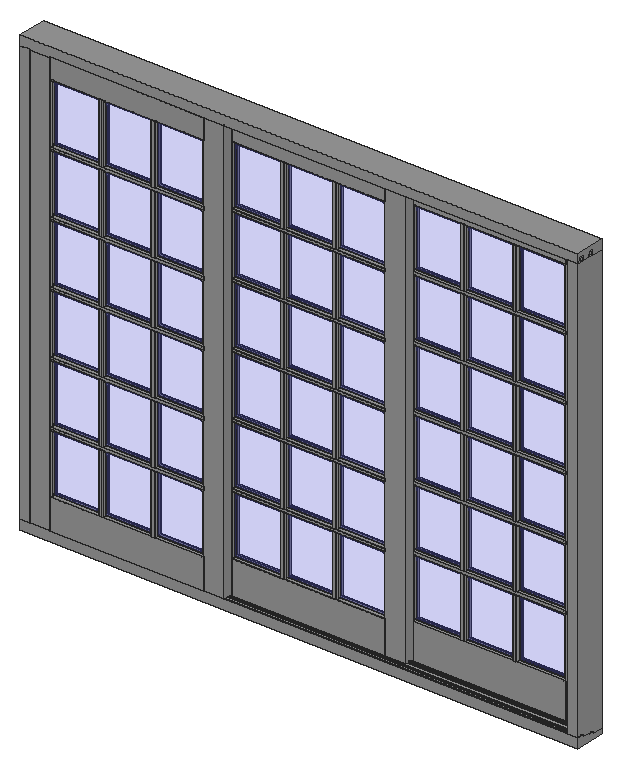
Revit family "VSD2.6SPTS RH", category Doors, host Wall, Revit 2015
Parameters (values of type "VSD2.6SPTS RH")
  Function = Interior
  Frame Projection Ext. = 25 mm
  Frame Projection Int. = 25 mm
  Frame Width = 75 mm
  Height = 2100 mm
  Wall Closure = By host
  Width = 2640 mm
Reference planes
  plane 1: y = 0
  plane 2 "Center (Left/Right)": x = 0
  plane 3 "Left": x = -1320
  plane 4 "Right": x = 1320
  plane 5: z = 2100
  plane 6 "Exterior": y = 75
  plane 7 "Interior": y = -75
  plane 8: x = -1275
  plane 9: x = -1170
  plane 10: x = 1275
  plane 11: x = 1170
  plane 12: x = -460
  plane 13: x = -355
  plane 14: x = 460
  plane 15: x = 355
  plane 16: x = 355
  plane 17: x = 460
  plane 18: x = 2905
  plane 19: x = 2800
  plane 20: x = 1170
  plane 21: x = 1275
  plane 22: x = 2090
  plane 23: x = 1985
  plane 24: x = -460
  plane 25: x = -355
  plane 26: x = 2090
  plane 27: x = 1985
  plane 28: x = 355
  plane 29: x = 460
  plane 30: x = 1275
  plane 31: x = 1170
Forms (mm)
  Extrusion 1, solid, material "Lauan, Meranti"
    sketch origin (0, 79.18, -119.746) x (0, 1, 0) y (0, 0, 1)
      loop
        line (-149.18, 119.746) -> (-9.18, 119.746) -> (-9.18, 140.746) -> (-61.18, 140.746) -> (-61.18, 151.746) -> (-85.18, 151.746) -> (-85.18, 152.746) -> (-117.18, 152.746) -> (-117.18, 163.746) -> (-141.18, 163.746) -> (-141.18, 164.746) -> (-149.18, 164.746) -> (-149.18, 119.746)
    from -1320 to 1320
  Extrusion 2, solid, material "Lauan, Meranti"
    sketch origin (0, 0, 0) x (0, 1, 0) y (0, 0, 1)
      loop
        line (70, 2100) -> (-70, 2100) -> (-70, 2055) -> (-61, 2055) -> (-61, 2075) -> (-39, 2075) -> (-39, 2055) -> (-5, 2055) -> (-5, 2075) -> (17, 2075) -> (17, 2055) -> (70, 2055) -> (70, 2100)
    from -1320 to 1320
  Extrusion 3, solid, material "Lauan, Meranti"
    sketch origin (0, 0, 0) x (1, 0, 0) y (0, 1, 0)
      loop
        line (-1320, 70) -> (-1320, -70) -> (-1275, -70) -> (-1275, 50) -> (-1277, 50) -> (-1277, 70) -> (-1320, 70)
      loop
        line (1320, 70) -> (1277, 70) -> (1277, 50) -> (1275, 50) -> (1275, -70) -> (1320, -70) -> (1320, 70)
    from 45 to 2055
  Extrusion 4, solid, material "Lauan, Meranti"
    sketch origin (0, 0, 0) x (1, 0, 0) y (0, 1, 0)
      loop
        line (-1275, 50) -> (-1277, 50) -> (-1277, 70) -> (-1320, 70) -> (-1320, -38) -> (-1275, -38) -> (-1275, 50)
      loop
        line (1275, 50) -> (1275, -38) -> (1320, -38) -> (1320, 70) -> (1277, 70) -> (1277, 50) -> (1275, 50)
    from 33 to 45
  Extrusion 5, solid, material "Steel, Chrome Plated"
    sketch origin (0, 0, 0) x (0, 1, 0) y (0, 0, 1)
      loop
        line (-38, 45) -> (-49, 45) -> (-49, 46.882)
        arc (-49, 46.882) -> (-50, 49.5) -> (-51, 46.882) r 1.5
        line (-51, 46.882) -> (-51, 45) -> (-62, 45) -> (-62, 44) -> (-38, 44) -> (-38, 45)
    from -1320 to 1320
  Extrusion 6, solid, material "Lauan, Meranti"
    sketch origin (0, 0, 0) x (1, 0, 0) y (0, 1, 0)
      loop
        line (-1320, 70) -> (-1320, 18) -> (-1275, 18) -> (-1275, 50) -> (-1277, 50) -> (-1277, 70) -> (-1320, 70)
      loop
        line (1320, 70) -> (1277, 70) -> (1277, 50) -> (1275, 50) -> (1275, 18) -> (1320, 18) -> (1320, 70)
    from 21 to 33
  Extrusion 7, solid, material "Steel, Chrome Plated"
    sketch origin (0, 56, -12) x (0, 1, 0) y (0, 0, 1)
      loop
        line (-38, 45) -> (-49, 45) -> (-49, 46.882)
        arc (-49, 46.882) -> (-50, 49.5) -> (-51, 46.882) r 1.5
        line (-51, 46.882) -> (-51, 45) -> (-62, 45) -> (-62, 44) -> (-38, 44) -> (-38, 45)
    from -460 to 1320
  Extrusion 8, solid, material "Lauan, Meranti"
    sketch origin (0, 0, 0) x (1, 0, 0) y (0, 1, 0)
      loop
        line (-1179, -70) -> (-1179, -68)
        arc (-1179, -68) -> (-1174.265, -66.44) -> (-1172, -62) r 6.549
        line (-1172, -62) -> (-1170, -62) -> (-1170, -60) -> (-1179, -60) -> (-1179, -30) -> (-1275, -30) -> (-1275, -70) -> (-1179, -70)
      loop
        line (-451, -70) -> (-355, -70) -> (-355, -30) -> (-451, -30) -> (-451, -60) -> (-460, -60) -> (-460, -62) -> (-458, -62)
        arc (-458, -62) -> (-455.735, -66.44) -> (-451, -68) r 6.549
        line (-451, -68) -> (-451, -70)
    from 45 to 2055
  Extrusion 9, solid, material "Lauan, Meranti"
    sketch origin (1630, 104, 0) x (1, 0, 0) y (0, 1, 0)
      loop
        line (-1179, -70) -> (-1179, -68)
        arc (-1179, -68) -> (-1174.265, -66.44) -> (-1172, -62) r 6.549
        line (-1172, -62) -> (-1170, -62) -> (-1170, -60) -> (-1179, -60) -> (-1179, -30) -> (-1275, -30) -> (-1275, -70) -> (-1179, -70)
      loop
        line (-451, -70) -> (-355, -70) -> (-355, -30) -> (-451, -30) -> (-451, -60) -> (-460, -60) -> (-460, -62) -> (-458, -62)
        arc (-458, -62) -> (-455.735, -66.44) -> (-451, -68) r 6.549
        line (-451, -68) -> (-451, -70)
    from 21 to 2055
  Extrusion 10, solid, material "Lauan, Meranti"
    sketch origin (815, 56, 0) x (1, 0, 0) y (0, 1, 0)
      loop
        line (-1179, -70) -> (-1179, -68)
        arc (-1179, -68) -> (-1174.265, -66.44) -> (-1172, -62) r 6.549
        line (-1172, -62) -> (-1170, -62) -> (-1170, -60) -> (-1179, -60) -> (-1179, -30) -> (-1275, -30) -> (-1275, -70) -> (-1179, -70)
      loop
        line (-451, -70) -> (-355, -70) -> (-355, -30) -> (-451, -30) -> (-451, -60) -> (-460, -60) -> (-460, -62) -> (-458, -62)
        arc (-458, -62) -> (-455.735, -66.44) -> (-451, -68) r 6.549
        line (-451, -68) -> (-451, -70)
    from 33 to 2055
  Extrusion 11, solid, material "Steel, Chrome Plated"
    sketch origin (0, 0, 0) x (0, 1, 0) y (0, 0, 1)
      loop
        line (16.5, 2075) -> (-4.5, 2075) -> (-4.5, 2055) -> (-2.3, 2055) -> (-2.3, 2072.8) -> (14.3, 2072.8) -> (14.3, 2055) -> (16.5, 2055) -> (16.5, 2075)
    from -1320 to 1320
  Extrusion 12, solid, material "Steel, Chrome Plated"
    sketch origin (0, -56, 0) x (0, 1, 0) y (0, 0, 1)
      loop
        line (16.5, 2075) -> (-4.5, 2075) -> (-4.5, 2055) -> (-2.3, 2055) -> (-2.3, 2072.8) -> (14.3, 2072.8) -> (14.3, 2055) -> (16.5, 2055) -> (16.5, 2075)
    from -1320 to 1320
  Extrusion 13, solid, material "Lauan, Meranti"
    sketch origin (1430, 49.5, 0) x (0, 1, 0) y (0, 0, 1)
      loop
        line (-15.5, 190) -> (-15.5, 21) -> (24.5, 21) -> (24.5, 190) -> (-5.5, 190) -> (-5.5, 199) -> (-7.5, 199) -> (-7.5, 197)
        arc (-7.5, 197) -> (-11.866, 194.67) -> (-13.5, 190) r 6.807
        line (-13.5, 190) -> (-15.5, 190)
      loop
        line (-7.5, 1952) -> (-7.5, 1950) -> (-5.5, 1950) -> (-5.5, 1959) -> (24.5, 1959) -> (24.5, 2055) -> (-15.5, 2055) -> (-15.5, 1959) -> (-13.5, 1959)
        arc (-13.5, 1959) -> (-11.866, 1954.33) -> (-7.5, 1952) r 6.807
      loop
        line (-15.5, 1675) -> (-15.5, 1662) -> (-13.5, 1662)
        arc (-13.5, 1662) -> (-11.866, 1657.33) -> (-7.5, 1655) r 6.807
        line (-7.5, 1655) -> (-7.5, 1653) -> (-5.5, 1653) -> (-5.5, 1662) -> (24.5, 1662) -> (24.5, 1675) -> (-5.5, 1675) -> (-5.5, 1684) -> (-7.5, 1684) -> (-7.5, 1682)
        arc (-7.5, 1682) -> (-11.866, 1679.67) -> (-13.5, 1675) r 6.807
        line (-13.5, 1675) -> (-15.5, 1675)
      loop
        line (-15.5, 1378) -> (-15.5, 1365) -> (-13.5, 1365)
        arc (-13.5, 1365) -> (-11.866, 1360.33) -> (-7.5, 1358) r 6.807
        line (-7.5, 1358) -> (-7.5, 1356) -> (-5.5, 1356) -> (-5.5, 1365) -> (24.5, 1365) -> (24.5, 1378) -> (-5.5, 1378) -> (-5.5, 1387) -> (-7.5, 1387) -> (-7.5, 1385)
        arc (-7.5, 1385) -> (-11.866, 1382.67) -> (-13.5, 1378) r 6.807
        line (-13.5, 1378) -> (-15.5, 1378)
      loop
        line (-15.5, 1081) -> (-15.5, 1068) -> (-13.5, 1068)
        arc (-13.5, 1068) -> (-11.866, 1063.33) -> (-7.5, 1061) r 6.807
        line (-7.5, 1061) -> (-7.5, 1059) -> (-5.5, 1059) -> (-5.5, 1068) -> (24.5, 1068) -> (24.5, 1081) -> (-5.5, 1081) -> (-5.5, 1090) -> (-7.5, 1090) -> (-7.5, 1088)
        arc (-7.5, 1088) -> (-11.866, 1085.67) -> (-13.5, 1081) r 6.807
        line (-13.5, 1081) -> (-15.5, 1081)
      loop
        line (-15.5, 784) -> (-15.5, 771) -> (-13.5, 771)
        arc (-13.5, 771) -> (-11.866, 766.33) -> (-7.5, 764) r 6.807
        line (-7.5, 764) -> (-7.5, 762) -> (-5.5, 762) -> (-5.5, 771) -> (24.5, 771) -> (24.5, 784) -> (-5.5, 784) -> (-5.5, 793) -> (-7.5, 793) -> (-7.5, 791)
        arc (-7.5, 791) -> (-11.866, 788.67) -> (-13.5, 784) r 6.807
        line (-13.5, 784) -> (-15.5, 784)
      loop
        line (-15.5, 487) -> (-15.5, 474) -> (-13.5, 474)
        arc (-13.5, 474) -> (-11.866, 469.33) -> (-7.5, 467) r 6.807
        line (-7.5, 467) -> (-7.5, 465) -> (-5.5, 465) -> (-5.5, 474) -> (24.5, 474) -> (24.5, 487) -> (-5.5, 487) -> (-5.5, 496) -> (-7.5, 496) -> (-7.5, 494)
        arc (-7.5, 494) -> (-11.866, 491.67) -> (-13.5, 487) r 6.807
        line (-13.5, 487) -> (-15.5, 487)
    from -979 to -251
  Sweep 14, solid, material "Lauan, Meranti"
    path origin (665.605, -72, -781.763) x (1, 0, 0) y (0, 0, 1)
      loop
        line (279.395, 2740.763) -> (279.395, 2456.763) -> (513.395, 2456.763) -> (513.395, 2740.763) -> (279.395, 2740.763)
    profile origin (1062, -72, 1959) x (0, 0, 1) y (0, -1, 0)
      loop
        line (-9, -124.5) -> (-9, -126.5) -> (-7, -126.5)
        arc (-7, -126.5) -> (-4.67, -130.866) -> (0, -132.5) r 6.807
        line (0, -132.5) -> (0, -124.5) -> (-9, -124.5)
  Extrusion 15, solid, material "Glass"
    sketch origin (938.125, -61.05, -73.649) x (1, 0, 0) y (0, 0, 1)
      loop
        line (240.875, 2032.649) -> (6.875, 2032.649) -> (6.875, 1748.649) -> (240.875, 1748.649) -> (240.875, 2032.649)
      loop
        line (-6.125, 2032.649) -> (-240.125, 2032.649) -> (-240.125, 1748.649) -> (-6.125, 1748.649) -> (-6.125, 2032.649)
      loop
        line (-253.125, 2032.649) -> (-487.125, 2032.649) -> (-487.125, 1748.649) -> (-253.125, 1748.649) -> (-253.125, 2032.649)
      loop
        line (240.875, 1735.649) -> (6.885, 1735.649) -> (6.885, 1451.661) -> (240.875, 1451.661) -> (240.875, 1735.649)
      loop
        line (-6.125, 1735.649) -> (-240.115, 1735.649) -> (-240.115, 1451.661) -> (-6.125, 1451.661) -> (-6.125, 1735.649)
      loop
        line (-253.125, 1735.649) -> (-487.115, 1735.649) -> (-487.115, 1451.661) -> (-253.125, 1451.661) -> (-253.125, 1735.649)
      loop
        line (240.875, 1438.649) -> (6.875, 1438.649) -> (6.875, 1154.649) -> (240.875, 1154.649) -> (240.875, 1438.649)
      loop
        line (-6.125, 1438.649) -> (-240.125, 1438.649) -> (-240.125, 1154.649) -> (-6.125, 1154.649) -> (-6.125, 1438.649)
      loop
        line (-253.125, 1438.649) -> (-487.125, 1438.649) -> (-487.125, 1154.649) -> (-253.125, 1154.649) -> (-253.125, 1438.649)
      loop
        line (240.875, 1141.649) -> (6.885, 1141.649) -> (6.885, 857.661) -> (240.875, 857.661) -> (240.875, 1141.649)
      loop
        line (-6.125, 1141.649) -> (-240.115, 1141.649) -> (-240.115, 857.661) -> (-6.125, 857.661) -> (-6.125, 1141.649)
      loop
        line (-253.125, 1141.649) -> (-487.115, 1141.649) -> (-487.115, 857.661) -> (-253.125, 857.661) -> (-253.125, 1141.649)
      loop
        line (240.875, 844.649) -> (6.875, 844.649) -> (6.875, 560.649) -> (240.875, 560.649) -> (240.875, 844.649)
      loop
        line (-6.125, 844.649) -> (-240.125, 844.649) -> (-240.125, 560.649) -> (-6.125, 560.649) -> (-6.125, 844.649)
      loop
        line (-253.125, 844.649) -> (-487.125, 844.649) -> (-487.125, 560.649) -> (-253.125, 560.649) -> (-253.125, 844.649)
      loop
        line (240.875, 547.649) -> (6.885, 547.649) -> (6.885, 263.661) -> (240.875, 263.661) -> (240.875, 547.649)
      loop
        line (-6.125, 547.649) -> (-240.115, 547.649) -> (-240.115, 263.661) -> (-6.125, 263.661) -> (-6.125, 547.649)
      loop
        line (-253.125, 547.649) -> (-487.115, 547.649) -> (-487.115, 263.661) -> (-253.125, 263.661) -> (-253.125, 547.649)
    from -112.5 to -106.1
  Extrusion 16, solid, material "Lauan, Meranti"
    sketch origin (410, 3, 0) x (1, 0, 0) y (0, 1, 0)
      loop
        line (522, 31) -> (535, 31) -> (535, 33)
        arc (535, 33) -> (539.67, 34.634) -> (542, 39) r 6.807
        line (542, 39) -> (544, 39) -> (544, 41) -> (535, 41) -> (535, 71) -> (522, 71) -> (522, 41) -> (513, 41) -> (513, 39) -> (515, 39)
        arc (515, 39) -> (517.33, 34.634) -> (522, 33) r 6.807
        line (522, 33) -> (522, 31)
      loop
        line (275, 31) -> (288, 31) -> (288, 33)
        arc (288, 33) -> (292.67, 34.634) -> (295, 39) r 6.807
        line (295, 39) -> (297, 39) -> (297, 41) -> (288, 41) -> (288, 71) -> (275, 71) -> (275, 41) -> (266, 41) -> (266, 39) -> (268, 39)
        arc (268, 39) -> (270.33, 34.634) -> (275, 33) r 6.807
        line (275, 33) -> (275, 31)
    from 1675 to 1959
  Sweep 17, solid, material "Lauan, Meranti"
    path origin (418.605, -72, -781.763) x (1, 0, 0) y (0, 0, 1)
      loop
        line (279.395, 2740.763) -> (279.395, 2456.763) -> (513.395, 2456.763) -> (513.395, 2740.763) -> (279.395, 2740.763)
    profile origin (815, -72, 1959) x (0, 0, 1) y (0, -1, 0)
      loop
        line (-9, -124.5) -> (-9, -126.5) -> (-7, -126.5)
        arc (-7, -126.5) -> (-4.67, -130.866) -> (0, -132.5) r 6.807
        line (0, -132.5) -> (0, -124.5) -> (-9, -124.5)
  Sweep 18, solid, material "Lauan, Meranti"
    path origin (171.605, -72, -781.763) x (1, 0, 0) y (0, 0, 1)
      loop
        line (279.395, 2740.763) -> (279.395, 2456.763) -> (513.395, 2456.763) -> (513.395, 2740.763) -> (279.395, 2740.763)
    profile origin (568, -72, 1959) x (0, 0, 1) y (0, -1, 0)
      loop
        line (-9, -124.5) -> (-9, -126.5) -> (-7, -126.5)
        arc (-7, -126.5) -> (-4.67, -130.866) -> (0, -132.5) r 6.807
        line (0, -132.5) -> (0, -124.5) -> (-9, -124.5)
  Sweep 19, solid, material "Lauan, Meranti"
    path origin (665.605, -72, -1078.763) x (1, 0, 0) y (0, 0, 1)
      loop
        line (279.395, 2740.763) -> (279.395, 2456.763) -> (513.395, 2456.763) -> (513.395, 2740.763) -> (279.395, 2740.763)
    profile origin (1062, -72, 1662) x (0, 0, 1) y (0, -1, 0)
      loop
        line (-9, -124.5) -> (-9, -126.5) -> (-7, -126.5)
        arc (-7, -126.5) -> (-4.67, -130.866) -> (0, -132.5) r 6.807
        line (0, -132.5) -> (0, -124.5) -> (-9, -124.5)
  Extrusion 20, solid, material "Lauan, Meranti"
    sketch origin (410, 3, -297) x (1, 0, 0) y (0, 1, 0)
      loop
        line (522, 31) -> (535, 31) -> (535, 33)
        arc (535, 33) -> (539.67, 34.634) -> (542, 39) r 6.807
        line (542, 39) -> (544, 39) -> (544, 41) -> (535, 41) -> (535, 71) -> (522, 71) -> (522, 41) -> (513, 41) -> (513, 39) -> (515, 39)
        arc (515, 39) -> (517.33, 34.634) -> (522, 33) r 6.807
        line (522, 33) -> (522, 31)
      loop
        line (275, 31) -> (288, 31) -> (288, 33)
        arc (288, 33) -> (292.67, 34.634) -> (295, 39) r 6.807
        line (295, 39) -> (297, 39) -> (297, 41) -> (288, 41) -> (288, 71) -> (275, 71) -> (275, 41) -> (266, 41) -> (266, 39) -> (268, 39)
        arc (268, 39) -> (270.33, 34.634) -> (275, 33) r 6.807
        line (275, 33) -> (275, 31)
    from 1675 to 1959
  Sweep 21, solid, material "Lauan, Meranti"
    path origin (418.605, -72, -1078.763) x (1, 0, 0) y (0, 0, 1)
      loop
        line (279.395, 2740.763) -> (279.395, 2456.763) -> (513.395, 2456.763) -> (513.395, 2740.763) -> (279.395, 2740.763)
    profile origin (815, -72, 1662) x (0, 0, 1) y (0, -1, 0)
      loop
        line (-9, -124.5) -> (-9, -126.5) -> (-7, -126.5)
        arc (-7, -126.5) -> (-4.67, -130.866) -> (0, -132.5) r 6.807
        line (0, -132.5) -> (0, -124.5) -> (-9, -124.5)
  Sweep 22, solid, material "Lauan, Meranti"
    path origin (171.605, -72, -1078.763) x (1, 0, 0) y (0, 0, 1)
      loop
        line (279.395, 2740.763) -> (279.395, 2456.763) -> (513.395, 2456.763) -> (513.395, 2740.763) -> (279.395, 2740.763)
    profile origin (568, -72, 1662) x (0, 0, 1) y (0, -1, 0)
      loop
        line (-9, -124.5) -> (-9, -126.5) -> (-7, -126.5)
        arc (-7, -126.5) -> (-4.67, -130.866) -> (0, -132.5) r 6.807
        line (0, -132.5) -> (0, -124.5) -> (-9, -124.5)
  Sweep 23, solid, material "Lauan, Meranti"
    path origin (665.605, -72, -1375.763) x (1, 0, 0) y (0, 0, 1)
      loop
        line (279.395, 2740.763) -> (279.395, 2456.763) -> (513.395, 2456.763) -> (513.395, 2740.763) -> (279.395, 2740.763)
    profile origin (1062, -72, 1365) x (0, 0, 1) y (0, -1, 0)
      loop
        line (-9, -124.5) -> (-9, -126.5) -> (-7, -126.5)
        arc (-7, -126.5) -> (-4.67, -130.866) -> (0, -132.5) r 6.807
        line (0, -132.5) -> (0, -124.5) -> (-9, -124.5)
  Extrusion 24, solid, material "Lauan, Meranti"
    sketch origin (410, 3, -594) x (1, 0, 0) y (0, 1, 0)
      loop
        line (522, 31) -> (535, 31) -> (535, 33)
        arc (535, 33) -> (539.67, 34.634) -> (542, 39) r 6.807
        line (542, 39) -> (544, 39) -> (544, 41) -> (535, 41) -> (535, 71) -> (522, 71) -> (522, 41) -> (513, 41) -> (513, 39) -> (515, 39)
        arc (515, 39) -> (517.33, 34.634) -> (522, 33) r 6.807
        line (522, 33) -> (522, 31)
      loop
        line (275, 31) -> (288, 31) -> (288, 33)
        arc (288, 33) -> (292.67, 34.634) -> (295, 39) r 6.807
        line (295, 39) -> (297, 39) -> (297, 41) -> (288, 41) -> (288, 71) -> (275, 71) -> (275, 41) -> (266, 41) -> (266, 39) -> (268, 39)
        arc (268, 39) -> (270.33, 34.634) -> (275, 33) r 6.807
        line (275, 33) -> (275, 31)
    from 1675 to 1959
  Sweep 25, solid, material "Lauan, Meranti"
    path origin (418.605, -72, -1375.763) x (1, 0, 0) y (0, 0, 1)
      loop
        line (279.395, 2740.763) -> (279.395, 2456.763) -> (513.395, 2456.763) -> (513.395, 2740.763) -> (279.395, 2740.763)
    profile origin (815, -72, 1365) x (0, 0, 1) y (0, -1, 0)
      loop
        line (-9, -124.5) -> (-9, -126.5) -> (-7, -126.5)
        arc (-7, -126.5) -> (-4.67, -130.866) -> (0, -132.5) r 6.807
        line (0, -132.5) -> (0, -124.5) -> (-9, -124.5)
  Sweep 26, solid, material "Lauan, Meranti"
    path origin (171.605, -72, -1375.763) x (1, 0, 0) y (0, 0, 1)
      loop
        line (279.395, 2740.763) -> (279.395, 2456.763) -> (513.395, 2456.763) -> (513.395, 2740.763) -> (279.395, 2740.763)
    profile origin (568, -72, 1365) x (0, 0, 1) y (0, -1, 0)
      loop
        line (-9, -124.5) -> (-9, -126.5) -> (-7, -126.5)
        arc (-7, -126.5) -> (-4.67, -130.866) -> (0, -132.5) r 6.807
        line (0, -132.5) -> (0, -124.5) -> (-9, -124.5)
  Sweep 27, solid, material "Lauan, Meranti"
    path origin (665.605, -72, -1672.763) x (1, 0, 0) y (0, 0, 1)
      loop
        line (279.395, 2740.763) -> (279.395, 2456.763) -> (513.395, 2456.763) -> (513.395, 2740.763) -> (279.395, 2740.763)
    profile origin (1062, -72, 1068) x (0, 0, 1) y (0, -1, 0)
      loop
        line (-9, -124.5) -> (-9, -126.5) -> (-7, -126.5)
        arc (-7, -126.5) -> (-4.67, -130.866) -> (0, -132.5) r 6.807
        line (0, -132.5) -> (0, -124.5) -> (-9, -124.5)
  Extrusion 28, solid, material "Lauan, Meranti"
    sketch origin (410, 3, -891) x (1, 0, 0) y (0, 1, 0)
      loop
        line (522, 31) -> (535, 31) -> (535, 33)
        arc (535, 33) -> (539.67, 34.634) -> (542, 39) r 6.807
        line (542, 39) -> (544, 39) -> (544, 41) -> (535, 41) -> (535, 71) -> (522, 71) -> (522, 41) -> (513, 41) -> (513, 39) -> (515, 39)
        arc (515, 39) -> (517.33, 34.634) -> (522, 33) r 6.807
        line (522, 33) -> (522, 31)
      loop
        line (275, 31) -> (288, 31) -> (288, 33)
        arc (288, 33) -> (292.67, 34.634) -> (295, 39) r 6.807
        line (295, 39) -> (297, 39) -> (297, 41) -> (288, 41) -> (288, 71) -> (275, 71) -> (275, 41) -> (266, 41) -> (266, 39) -> (268, 39)
        arc (268, 39) -> (270.33, 34.634) -> (275, 33) r 6.807
        line (275, 33) -> (275, 31)
    from 1675 to 1959
  Sweep 29, solid, material "Lauan, Meranti"
    path origin (418.605, -72, -1672.763) x (1, 0, 0) y (0, 0, 1)
      loop
        line (279.395, 2740.763) -> (279.395, 2456.763) -> (513.395, 2456.763) -> (513.395, 2740.763) -> (279.395, 2740.763)
    profile origin (815, -72, 1068) x (0, 0, 1) y (0, -1, 0)
      loop
        line (-9, -124.5) -> (-9, -126.5) -> (-7, -126.5)
        arc (-7, -126.5) -> (-4.67, -130.866) -> (0, -132.5) r 6.807
        line (0, -132.5) -> (0, -124.5) -> (-9, -124.5)
  Sweep 30, solid, material "Lauan, Meranti"
    path origin (171.605, -72, -1672.763) x (1, 0, 0) y (0, 0, 1)
      loop
        line (279.395, 2740.763) -> (279.395, 2456.763) -> (513.395, 2456.763) -> (513.395, 2740.763) -> (279.395, 2740.763)
    profile origin (568, -72, 1068) x (0, 0, 1) y (0, -1, 0)
      loop
        line (-9, -124.5) -> (-9, -126.5) -> (-7, -126.5)
        arc (-7, -126.5) -> (-4.67, -130.866) -> (0, -132.5) r 6.807
        line (0, -132.5) -> (0, -124.5) -> (-9, -124.5)
  Sweep 31, solid, material "Lauan, Meranti"
    path origin (665.605, -72, -1969.763) x (1, 0, 0) y (0, 0, 1)
      loop
        line (279.395, 2740.763) -> (279.395, 2456.763) -> (513.395, 2456.763) -> (513.395, 2740.763) -> (279.395, 2740.763)
    profile origin (1062, -72, 771) x (0, 0, 1) y (0, -1, 0)
      loop
        line (-9, -124.5) -> (-9, -126.5) -> (-7, -126.5)
        arc (-7, -126.5) -> (-4.67, -130.866) -> (0, -132.5) r 6.807
        line (0, -132.5) -> (0, -124.5) -> (-9, -124.5)
  Extrusion 32, solid, material "Lauan, Meranti"
    sketch origin (410, 3, -1188) x (1, 0, 0) y (0, 1, 0)
      loop
        line (522, 31) -> (535, 31) -> (535, 33)
        arc (535, 33) -> (539.67, 34.634) -> (542, 39) r 6.807
        line (542, 39) -> (544, 39) -> (544, 41) -> (535, 41) -> (535, 71) -> (522, 71) -> (522, 41) -> (513, 41) -> (513, 39) -> (515, 39)
        arc (515, 39) -> (517.33, 34.634) -> (522, 33) r 6.807
        line (522, 33) -> (522, 31)
      loop
        line (275, 31) -> (288, 31) -> (288, 33)
        arc (288, 33) -> (292.67, 34.634) -> (295, 39) r 6.807
        line (295, 39) -> (297, 39) -> (297, 41) -> (288, 41) -> (288, 71) -> (275, 71) -> (275, 41) -> (266, 41) -> (266, 39) -> (268, 39)
        arc (268, 39) -> (270.33, 34.634) -> (275, 33) r 6.807
        line (275, 33) -> (275, 31)
    from 1675 to 1959
  Sweep 33, solid, material "Lauan, Meranti"
    path origin (418.605, -72, -1969.763) x (1, 0, 0) y (0, 0, 1)
      loop
        line (279.395, 2740.763) -> (279.395, 2456.763) -> (513.395, 2456.763) -> (513.395, 2740.763) -> (279.395, 2740.763)
    profile origin (815, -72, 771) x (0, 0, 1) y (0, -1, 0)
      loop
        line (-9, -124.5) -> (-9, -126.5) -> (-7, -126.5)
        arc (-7, -126.5) -> (-4.67, -130.866) -> (0, -132.5) r 6.807
        line (0, -132.5) -> (0, -124.5) -> (-9, -124.5)
  Sweep 34, solid, material "Lauan, Meranti"
    path origin (171.605, -72, -1969.763) x (1, 0, 0) y (0, 0, 1)
      loop
        line (279.395, 2740.763) -> (279.395, 2456.763) -> (513.395, 2456.763) -> (513.395, 2740.763) -> (279.395, 2740.763)
    profile origin (568, -72, 771) x (0, 0, 1) y (0, -1, 0)
      loop
        line (-9, -124.5) -> (-9, -126.5) -> (-7, -126.5)
        arc (-7, -126.5) -> (-4.67, -130.866) -> (0, -132.5) r 6.807
        line (0, -132.5) -> (0, -124.5) -> (-9, -124.5)
  Sweep 35, solid, material "Lauan, Meranti"
    path origin (665.605, -72, -2266.763) x (1, 0, 0) y (0, 0, 1)
      loop
        line (279.395, 2740.763) -> (279.395, 2456.763) -> (513.395, 2456.763) -> (513.395, 2740.763) -> (279.395, 2740.763)
    profile origin (1062, -72, 474) x (0, 0, 1) y (0, -1, 0)
      loop
        line (-9, -124.5) -> (-9, -126.5) -> (-7, -126.5)
        arc (-7, -126.5) -> (-4.67, -130.866) -> (0, -132.5) r 6.807
        line (0, -132.5) -> (0, -124.5) -> (-9, -124.5)
  Extrusion 36, solid, material "Lauan, Meranti"
    sketch origin (410, 3, -1485) x (1, 0, 0) y (0, 1, 0)
      loop
        line (522, 31) -> (535, 31) -> (535, 33)
        arc (535, 33) -> (539.67, 34.634) -> (542, 39) r 6.807
        line (542, 39) -> (544, 39) -> (544, 41) -> (535, 41) -> (535, 71) -> (522, 71) -> (522, 41) -> (513, 41) -> (513, 39) -> (515, 39)
        arc (515, 39) -> (517.33, 34.634) -> (522, 33) r 6.807
        line (522, 33) -> (522, 31)
      loop
        line (275, 31) -> (288, 31) -> (288, 33)
        arc (288, 33) -> (292.67, 34.634) -> (295, 39) r 6.807
        line (295, 39) -> (297, 39) -> (297, 41) -> (288, 41) -> (288, 71) -> (275, 71) -> (275, 41) -> (266, 41) -> (266, 39) -> (268, 39)
        arc (268, 39) -> (270.33, 34.634) -> (275, 33) r 6.807
        line (275, 33) -> (275, 31)
    from 1675 to 1959
  Sweep 37, solid, material "Lauan, Meranti"
    path origin (418.605, -72, -2266.763) x (1, 0, 0) y (0, 0, 1)
      loop
        line (279.395, 2740.763) -> (279.395, 2456.763) -> (513.395, 2456.763) -> (513.395, 2740.763) -> (279.395, 2740.763)
    profile origin (815, -72, 474) x (0, 0, 1) y (0, -1, 0)
      loop
        line (-9, -124.5) -> (-9, -126.5) -> (-7, -126.5)
        arc (-7, -126.5) -> (-4.67, -130.866) -> (0, -132.5) r 6.807
        line (0, -132.5) -> (0, -124.5) -> (-9, -124.5)
  Sweep 38, solid, material "Lauan, Meranti"
    path origin (171.605, -72, -2266.763) x (1, 0, 0) y (0, 0, 1)
      loop
        line (279.395, 2740.763) -> (279.395, 2456.763) -> (513.395, 2456.763) -> (513.395, 2740.763) -> (279.395, 2740.763)
    profile origin (568, -72, 474) x (0, 0, 1) y (0, -1, 0)
      loop
        line (-9, -124.5) -> (-9, -126.5) -> (-7, -126.5)
        arc (-7, -126.5) -> (-4.67, -130.866) -> (0, -132.5) r 6.807
        line (0, -132.5) -> (0, -124.5) -> (-9, -124.5)
  Extrusion 39, solid, material "Lauan, Meranti"
    sketch origin (-200, -54.5, 0) x (0, 1, 0) y (0, 0, 1)
      loop
        line (-15.5, 190) -> (-15.5, 45) -> (24.5, 45) -> (24.5, 190) -> (-5.5, 190) -> (-5.5, 199) -> (-7.5, 199) -> (-7.5, 197)
        arc (-7.5, 197) -> (-11.866, 194.67) -> (-13.5, 190) r 6.807
        line (-13.5, 190) -> (-15.5, 190)
      loop
        line (-7.5, 1952) -> (-7.5, 1950) -> (-5.5, 1950) -> (-5.5, 1959) -> (24.5, 1959) -> (24.5, 2055) -> (-15.5, 2055) -> (-15.5, 1959) -> (-13.5, 1959)
        arc (-13.5, 1959) -> (-11.866, 1954.33) -> (-7.5, 1952) r 6.807
      loop
        line (-15.5, 1675) -> (-15.5, 1662) -> (-13.5, 1662)
        arc (-13.5, 1662) -> (-11.866, 1657.33) -> (-7.5, 1655) r 6.807
        line (-7.5, 1655) -> (-7.5, 1653) -> (-5.5, 1653) -> (-5.5, 1662) -> (24.5, 1662) -> (24.5, 1675) -> (-5.5, 1675) -> (-5.5, 1684) -> (-7.5, 1684) -> (-7.5, 1682)
        arc (-7.5, 1682) -> (-11.866, 1679.67) -> (-13.5, 1675) r 6.807
        line (-13.5, 1675) -> (-15.5, 1675)
      loop
        line (-15.5, 1378) -> (-15.5, 1365) -> (-13.5, 1365)
        arc (-13.5, 1365) -> (-11.866, 1360.33) -> (-7.5, 1358) r 6.807
        line (-7.5, 1358) -> (-7.5, 1356) -> (-5.5, 1356) -> (-5.5, 1365) -> (24.5, 1365) -> (24.5, 1378) -> (-5.5, 1378) -> (-5.5, 1387) -> (-7.5, 1387) -> (-7.5, 1385)
        arc (-7.5, 1385) -> (-11.866, 1382.67) -> (-13.5, 1378) r 6.807
        line (-13.5, 1378) -> (-15.5, 1378)
      loop
        line (-15.5, 1081) -> (-15.5, 1068) -> (-13.5, 1068)
        arc (-13.5, 1068) -> (-11.866, 1063.33) -> (-7.5, 1061) r 6.807
        line (-7.5, 1061) -> (-7.5, 1059) -> (-5.5, 1059) -> (-5.5, 1068) -> (24.5, 1068) -> (24.5, 1081) -> (-5.5, 1081) -> (-5.5, 1090) -> (-7.5, 1090) -> (-7.5, 1088)
        arc (-7.5, 1088) -> (-11.866, 1085.67) -> (-13.5, 1081) r 6.807
        line (-13.5, 1081) -> (-15.5, 1081)
      loop
        line (-15.5, 784) -> (-15.5, 771) -> (-13.5, 771)
        arc (-13.5, 771) -> (-11.866, 766.33) -> (-7.5, 764) r 6.807
        line (-7.5, 764) -> (-7.5, 762) -> (-5.5, 762) -> (-5.5, 771) -> (24.5, 771) -> (24.5, 784) -> (-5.5, 784) -> (-5.5, 793) -> (-7.5, 793) -> (-7.5, 791)
        arc (-7.5, 791) -> (-11.866, 788.67) -> (-13.5, 784) r 6.807
        line (-13.5, 784) -> (-15.5, 784)
      loop
        line (-15.5, 487) -> (-15.5, 474) -> (-13.5, 474)
        arc (-13.5, 474) -> (-11.866, 469.33) -> (-7.5, 467) r 6.807
        line (-7.5, 467) -> (-7.5, 465) -> (-5.5, 465) -> (-5.5, 474) -> (24.5, 474) -> (24.5, 487) -> (-5.5, 487) -> (-5.5, 496) -> (-7.5, 496) -> (-7.5, 494)
        arc (-7.5, 494) -> (-11.866, 491.67) -> (-13.5, 487) r 6.807
        line (-13.5, 487) -> (-15.5, 487)
    from -979 to -251
  Sweep 40, solid, material "Lauan, Meranti"
    path origin (-964.395, -176, -781.763) x (1, 0, 0) y (0, 0, 1)
      loop
        line (279.395, 2740.763) -> (279.395, 2456.763) -> (513.395, 2456.763) -> (513.395, 2740.763) -> (279.395, 2740.763)
    profile origin (-568, -176, 1959) x (0, 0, 1) y (0, -1, 0)
      loop
        line (-9, -124.5) -> (-9, -126.5) -> (-7, -126.5)
        arc (-7, -126.5) -> (-4.67, -130.866) -> (0, -132.5) r 6.807
        line (0, -132.5) -> (0, -124.5) -> (-9, -124.5)
  Extrusion 41, solid, material "Glass"
    sketch origin (-691.875, -165.05, -73.649) x (1, 0, 0) y (0, 0, 1)
      loop
        line (240.875, 2032.649) -> (6.875, 2032.649) -> (6.875, 1748.649) -> (240.875, 1748.649) -> (240.875, 2032.649)
      loop
        line (-6.125, 2032.649) -> (-240.125, 2032.649) -> (-240.125, 1748.649) -> (-6.125, 1748.649) -> (-6.125, 2032.649)
      loop
        line (-253.125, 2032.649) -> (-487.125, 2032.649) -> (-487.125, 1748.649) -> (-253.125, 1748.649) -> (-253.125, 2032.649)
      loop
        line (240.875, 1735.649) -> (6.885, 1735.649) -> (6.885, 1451.661) -> (240.875, 1451.661) -> (240.875, 1735.649)
      loop
        line (-6.125, 1735.649) -> (-240.115, 1735.649) -> (-240.115, 1451.661) -> (-6.125, 1451.661) -> (-6.125, 1735.649)
      loop
        line (-253.125, 1735.649) -> (-487.115, 1735.649) -> (-487.115, 1451.661) -> (-253.125, 1451.661) -> (-253.125, 1735.649)
      loop
        line (240.875, 1438.649) -> (6.875, 1438.649) -> (6.875, 1154.649) -> (240.875, 1154.649) -> (240.875, 1438.649)
      loop
        line (-6.125, 1438.649) -> (-240.125, 1438.649) -> (-240.125, 1154.649) -> (-6.125, 1154.649) -> (-6.125, 1438.649)
      loop
        line (-253.125, 1438.649) -> (-487.125, 1438.649) -> (-487.125, 1154.649) -> (-253.125, 1154.649) -> (-253.125, 1438.649)
      loop
        line (240.875, 1141.649) -> (6.885, 1141.649) -> (6.885, 857.661) -> (240.875, 857.661) -> (240.875, 1141.649)
      loop
        line (-6.125, 1141.649) -> (-240.115, 1141.649) -> (-240.115, 857.661) -> (-6.125, 857.661) -> (-6.125, 1141.649)
      loop
        line (-253.125, 1141.649) -> (-487.115, 1141.649) -> (-487.115, 857.661) -> (-253.125, 857.661) -> (-253.125, 1141.649)
      loop
        line (240.875, 844.649) -> (6.875, 844.649) -> (6.875, 560.649) -> (240.875, 560.649) -> (240.875, 844.649)
      loop
        line (-6.125, 844.649) -> (-240.125, 844.649) -> (-240.125, 560.649) -> (-6.125, 560.649) -> (-6.125, 844.649)
      loop
        line (-253.125, 844.649) -> (-487.125, 844.649) -> (-487.125, 560.649) -> (-253.125, 560.649) -> (-253.125, 844.649)
      loop
        line (240.875, 547.649) -> (6.885, 547.649) -> (6.885, 263.661) -> (240.875, 263.661) -> (240.875, 547.649)
      loop
        line (-6.125, 547.649) -> (-240.115, 547.649) -> (-240.115, 263.661) -> (-6.125, 263.661) -> (-6.125, 547.649)
      loop
        line (-253.125, 547.649) -> (-487.115, 547.649) -> (-487.115, 263.661) -> (-253.125, 263.661) -> (-253.125, 547.649)
    from -112.5 to -106.1
  Extrusion 42, solid, material "Lauan, Meranti"
    sketch origin (-1220, -101, 0) x (1, 0, 0) y (0, 1, 0)
      loop
        line (522, 31) -> (535, 31) -> (535, 33)
        arc (535, 33) -> (539.67, 34.634) -> (542, 39) r 6.807
        line (542, 39) -> (544, 39) -> (544, 41) -> (535, 41) -> (535, 71) -> (522, 71) -> (522, 41) -> (513, 41) -> (513, 39) -> (515, 39)
        arc (515, 39) -> (517.33, 34.634) -> (522, 33) r 6.807
        line (522, 33) -> (522, 31)
      loop
        line (275, 31) -> (288, 31) -> (288, 33)
        arc (288, 33) -> (292.67, 34.634) -> (295, 39) r 6.807
        line (295, 39) -> (297, 39) -> (297, 41) -> (288, 41) -> (288, 71) -> (275, 71) -> (275, 41) -> (266, 41) -> (266, 39) -> (268, 39)
        arc (268, 39) -> (270.33, 34.634) -> (275, 33) r 6.807
        line (275, 33) -> (275, 31)
    from 1675 to 1959
  Sweep 43, solid, material "Lauan, Meranti"
    path origin (-1211.395, -176, -781.763) x (1, 0, 0) y (0, 0, 1)
      loop
        line (279.395, 2740.763) -> (279.395, 2456.763) -> (513.395, 2456.763) -> (513.395, 2740.763) -> (279.395, 2740.763)
    profile origin (-815, -176, 1959) x (0, 0, 1) y (0, -1, 0)
      loop
        line (-9, -124.5) -> (-9, -126.5) -> (-7, -126.5)
        arc (-7, -126.5) -> (-4.67, -130.866) -> (0, -132.5) r 6.807
        line (0, -132.5) -> (0, -124.5) -> (-9, -124.5)
  Sweep 44, solid, material "Lauan, Meranti"
    path origin (-1458.395, -176, -781.763) x (1, 0, 0) y (0, 0, 1)
      loop
        line (279.395, 2740.763) -> (279.395, 2456.763) -> (513.395, 2456.763) -> (513.395, 2740.763) -> (279.395, 2740.763)
    profile origin (-1062, -176, 1959) x (0, 0, 1) y (0, -1, 0)
      loop
        line (-9, -124.5) -> (-9, -126.5) -> (-7, -126.5)
        arc (-7, -126.5) -> (-4.67, -130.866) -> (0, -132.5) r 6.807
        line (0, -132.5) -> (0, -124.5) -> (-9, -124.5)
  Sweep 45, solid, material "Lauan, Meranti"
    path origin (-964.395, -176, -1078.763) x (1, 0, 0) y (0, 0, 1)
      loop
        line (279.395, 2740.763) -> (279.395, 2456.763) -> (513.395, 2456.763) -> (513.395, 2740.763) -> (279.395, 2740.763)
    profile origin (-568, -176, 1662) x (0, 0, 1) y (0, -1, 0)
      loop
        line (-9, -124.5) -> (-9, -126.5) -> (-7, -126.5)
        arc (-7, -126.5) -> (-4.67, -130.866) -> (0, -132.5) r 6.807
        line (0, -132.5) -> (0, -124.5) -> (-9, -124.5)
  Extrusion 46, solid, material "Lauan, Meranti"
    sketch origin (-1220, -101, -297) x (1, 0, 0) y (0, 1, 0)
      loop
        line (522, 31) -> (535, 31) -> (535, 33)
        arc (535, 33) -> (539.67, 34.634) -> (542, 39) r 6.807
        line (542, 39) -> (544, 39) -> (544, 41) -> (535, 41) -> (535, 71) -> (522, 71) -> (522, 41) -> (513, 41) -> (513, 39) -> (515, 39)
        arc (515, 39) -> (517.33, 34.634) -> (522, 33) r 6.807
        line (522, 33) -> (522, 31)
      loop
        line (275, 31) -> (288, 31) -> (288, 33)
        arc (288, 33) -> (292.67, 34.634) -> (295, 39) r 6.807
        line (295, 39) -> (297, 39) -> (297, 41) -> (288, 41) -> (288, 71) -> (275, 71) -> (275, 41) -> (266, 41) -> (266, 39) -> (268, 39)
        arc (268, 39) -> (270.33, 34.634) -> (275, 33) r 6.807
        line (275, 33) -> (275, 31)
    from 1675 to 1959
  Sweep 47, solid, material "Lauan, Meranti"
    path origin (-1211.395, -176, -1078.763) x (1, 0, 0) y (0, 0, 1)
      loop
        line (279.395, 2740.763) -> (279.395, 2456.763) -> (513.395, 2456.763) -> (513.395, 2740.763) -> (279.395, 2740.763)
    profile origin (-815, -176, 1662) x (0, 0, 1) y (0, -1, 0)
      loop
        line (-9, -124.5) -> (-9, -126.5) -> (-7, -126.5)
        arc (-7, -126.5) -> (-4.67, -130.866) -> (0, -132.5) r 6.807
        line (0, -132.5) -> (0, -124.5) -> (-9, -124.5)
  Sweep 48, solid, material "Lauan, Meranti"
    path origin (-1458.395, -176, -1078.763) x (1, 0, 0) y (0, 0, 1)
      loop
        line (279.395, 2740.763) -> (279.395, 2456.763) -> (513.395, 2456.763) -> (513.395, 2740.763) -> (279.395, 2740.763)
    profile origin (-1062, -176, 1662) x (0, 0, 1) y (0, -1, 0)
      loop
        line (-9, -124.5) -> (-9, -126.5) -> (-7, -126.5)
        arc (-7, -126.5) -> (-4.67, -130.866) -> (0, -132.5) r 6.807
        line (0, -132.5) -> (0, -124.5) -> (-9, -124.5)
  Sweep 49, solid, material "Lauan, Meranti"
    path origin (-964.395, -176, -1375.763) x (1, 0, 0) y (0, 0, 1)
      loop
        line (279.395, 2740.763) -> (279.395, 2456.763) -> (513.395, 2456.763) -> (513.395, 2740.763) -> (279.395, 2740.763)
    profile origin (-568, -176, 1365) x (0, 0, 1) y (0, -1, 0)
      loop
        line (-9, -124.5) -> (-9, -126.5) -> (-7, -126.5)
        arc (-7, -126.5) -> (-4.67, -130.866) -> (0, -132.5) r 6.807
        line (0, -132.5) -> (0, -124.5) -> (-9, -124.5)
  Extrusion 50, solid, material "Lauan, Meranti"
    sketch origin (-1220, -101, -594) x (1, 0, 0) y (0, 1, 0)
      loop
        line (522, 31) -> (535, 31) -> (535, 33)
        arc (535, 33) -> (539.67, 34.634) -> (542, 39) r 6.807
        line (542, 39) -> (544, 39) -> (544, 41) -> (535, 41) -> (535, 71) -> (522, 71) -> (522, 41) -> (513, 41) -> (513, 39) -> (515, 39)
        arc (515, 39) -> (517.33, 34.634) -> (522, 33) r 6.807
        line (522, 33) -> (522, 31)
      loop
        line (275, 31) -> (288, 31) -> (288, 33)
        arc (288, 33) -> (292.67, 34.634) -> (295, 39) r 6.807
        line (295, 39) -> (297, 39) -> (297, 41) -> (288, 41) -> (288, 71) -> (275, 71) -> (275, 41) -> (266, 41) -> (266, 39) -> (268, 39)
        arc (268, 39) -> (270.33, 34.634) -> (275, 33) r 6.807
        line (275, 33) -> (275, 31)
    from 1675 to 1959
  Sweep 51, solid, material "Lauan, Meranti"
    path origin (-1211.395, -176, -1375.763) x (1, 0, 0) y (0, 0, 1)
      loop
        line (279.395, 2740.763) -> (279.395, 2456.763) -> (513.395, 2456.763) -> (513.395, 2740.763) -> (279.395, 2740.763)
    profile origin (-815, -176, 1365) x (0, 0, 1) y (0, -1, 0)
      loop
        line (-9, -124.5) -> (-9, -126.5) -> (-7, -126.5)
        arc (-7, -126.5) -> (-4.67, -130.866) -> (0, -132.5) r 6.807
        line (0, -132.5) -> (0, -124.5) -> (-9, -124.5)
  Sweep 52, solid, material "Lauan, Meranti"
    path origin (-1458.395, -176, -1375.763) x (1, 0, 0) y (0, 0, 1)
      loop
        line (279.395, 2740.763) -> (279.395, 2456.763) -> (513.395, 2456.763) -> (513.395, 2740.763) -> (279.395, 2740.763)
    profile origin (-1062, -176, 1365) x (0, 0, 1) y (0, -1, 0)
      loop
        line (-9, -124.5) -> (-9, -126.5) -> (-7, -126.5)
        arc (-7, -126.5) -> (-4.67, -130.866) -> (0, -132.5) r 6.807
        line (0, -132.5) -> (0, -124.5) -> (-9, -124.5)
  Sweep 53, solid, material "Lauan, Meranti"
    path origin (-964.395, -176, -1672.763) x (1, 0, 0) y (0, 0, 1)
      loop
        line (279.395, 2740.763) -> (279.395, 2456.763) -> (513.395, 2456.763) -> (513.395, 2740.763) -> (279.395, 2740.763)
    profile origin (-568, -176, 1068) x (0, 0, 1) y (0, -1, 0)
      loop
        line (-9, -124.5) -> (-9, -126.5) -> (-7, -126.5)
        arc (-7, -126.5) -> (-4.67, -130.866) -> (0, -132.5) r 6.807
        line (0, -132.5) -> (0, -124.5) -> (-9, -124.5)
  Extrusion 54, solid, material "Lauan, Meranti"
    sketch origin (-1220, -101, -891) x (1, 0, 0) y (0, 1, 0)
      loop
        line (522, 31) -> (535, 31) -> (535, 33)
        arc (535, 33) -> (539.67, 34.634) -> (542, 39) r 6.807
        line (542, 39) -> (544, 39) -> (544, 41) -> (535, 41) -> (535, 71) -> (522, 71) -> (522, 41) -> (513, 41) -> (513, 39) -> (515, 39)
        arc (515, 39) -> (517.33, 34.634) -> (522, 33) r 6.807
        line (522, 33) -> (522, 31)
      loop
        line (275, 31) -> (288, 31) -> (288, 33)
        arc (288, 33) -> (292.67, 34.634) -> (295, 39) r 6.807
        line (295, 39) -> (297, 39) -> (297, 41) -> (288, 41) -> (288, 71) -> (275, 71) -> (275, 41) -> (266, 41) -> (266, 39) -> (268, 39)
        arc (268, 39) -> (270.33, 34.634) -> (275, 33) r 6.807
        line (275, 33) -> (275, 31)
    from 1675 to 1959
  Sweep 55, solid, material "Lauan, Meranti"
    path origin (-1211.395, -176, -1672.763) x (1, 0, 0) y (0, 0, 1)
      loop
        line (279.395, 2740.763) -> (279.395, 2456.763) -> (513.395, 2456.763) -> (513.395, 2740.763) -> (279.395, 2740.763)
    profile origin (-815, -176, 1068) x (0, 0, 1) y (0, -1, 0)
      loop
        line (-9, -124.5) -> (-9, -126.5) -> (-7, -126.5)
        arc (-7, -126.5) -> (-4.67, -130.866) -> (0, -132.5) r 6.807
        line (0, -132.5) -> (0, -124.5) -> (-9, -124.5)
  Sweep 56, solid, material "Lauan, Meranti"
    path origin (-1458.395, -176, -1672.763) x (1, 0, 0) y (0, 0, 1)
      loop
        line (279.395, 2740.763) -> (279.395, 2456.763) -> (513.395, 2456.763) -> (513.395, 2740.763) -> (279.395, 2740.763)
    profile origin (-1062, -176, 1068) x (0, 0, 1) y (0, -1, 0)
      loop
        line (-9, -124.5) -> (-9, -126.5) -> (-7, -126.5)
        arc (-7, -126.5) -> (-4.67, -130.866) -> (0, -132.5) r 6.807
        line (0, -132.5) -> (0, -124.5) -> (-9, -124.5)
  Sweep 57, solid, material "Lauan, Meranti"
    path origin (-964.395, -176, -1969.763) x (1, 0, 0) y (0, 0, 1)
      loop
        line (279.395, 2740.763) -> (279.395, 2456.763) -> (513.395, 2456.763) -> (513.395, 2740.763) -> (279.395, 2740.763)
    profile origin (-568, -176, 771) x (0, 0, 1) y (0, -1, 0)
      loop
        line (-9, -124.5) -> (-9, -126.5) -> (-7, -126.5)
        arc (-7, -126.5) -> (-4.67, -130.866) -> (0, -132.5) r 6.807
        line (0, -132.5) -> (0, -124.5) -> (-9, -124.5)
  Extrusion 58, solid, material "Lauan, Meranti"
    sketch origin (-1220, -101, -1188) x (1, 0, 0) y (0, 1, 0)
      loop
        line (522, 31) -> (535, 31) -> (535, 33)
        arc (535, 33) -> (539.67, 34.634) -> (542, 39) r 6.807
        line (542, 39) -> (544, 39) -> (544, 41) -> (535, 41) -> (535, 71) -> (522, 71) -> (522, 41) -> (513, 41) -> (513, 39) -> (515, 39)
        arc (515, 39) -> (517.33, 34.634) -> (522, 33) r 6.807
        line (522, 33) -> (522, 31)
      loop
        line (275, 31) -> (288, 31) -> (288, 33)
        arc (288, 33) -> (292.67, 34.634) -> (295, 39) r 6.807
        line (295, 39) -> (297, 39) -> (297, 41) -> (288, 41) -> (288, 71) -> (275, 71) -> (275, 41) -> (266, 41) -> (266, 39) -> (268, 39)
        arc (268, 39) -> (270.33, 34.634) -> (275, 33) r 6.807
        line (275, 33) -> (275, 31)
    from 1675 to 1959
  Sweep 59, solid, material "Lauan, Meranti"
    path origin (-1211.395, -176, -1969.763) x (1, 0, 0) y (0, 0, 1)
      loop
        line (279.395, 2740.763) -> (279.395, 2456.763) -> (513.395, 2456.763) -> (513.395, 2740.763) -> (279.395, 2740.763)
    profile origin (-815, -176, 771) x (0, 0, 1) y (0, -1, 0)
      loop
        line (-9, -124.5) -> (-9, -126.5) -> (-7, -126.5)
        arc (-7, -126.5) -> (-4.67, -130.866) -> (0, -132.5) r 6.807
        line (0, -132.5) -> (0, -124.5) -> (-9, -124.5)
  Sweep 60, solid, material "Lauan, Meranti"
    path origin (-1458.395, -176, -1969.763) x (1, 0, 0) y (0, 0, 1)
      loop
        line (279.395, 2740.763) -> (279.395, 2456.763) -> (513.395, 2456.763) -> (513.395, 2740.763) -> (279.395, 2740.763)
    profile origin (-1062, -176, 771) x (0, 0, 1) y (0, -1, 0)
      loop
        line (-9, -124.5) -> (-9, -126.5) -> (-7, -126.5)
        arc (-7, -126.5) -> (-4.67, -130.866) -> (0, -132.5) r 6.807
        line (0, -132.5) -> (0, -124.5) -> (-9, -124.5)
  Sweep 61, solid, material "Lauan, Meranti"
    path origin (-964.395, -176, -2266.763) x (1, 0, 0) y (0, 0, 1)
      loop
        line (279.395, 2740.763) -> (279.395, 2456.763) -> (513.395, 2456.763) -> (513.395, 2740.763) -> (279.395, 2740.763)
    profile origin (-568, -176, 474) x (0, 0, 1) y (0, -1, 0)
      loop
        line (-9, -124.5) -> (-9, -126.5) -> (-7, -126.5)
        arc (-7, -126.5) -> (-4.67, -130.866) -> (0, -132.5) r 6.807
        line (0, -132.5) -> (0, -124.5) -> (-9, -124.5)
  Extrusion 62, solid, material "Lauan, Meranti"
    sketch origin (-1220, -101, -1485) x (1, 0, 0) y (0, 1, 0)
      loop
        line (522, 31) -> (535, 31) -> (535, 33)
        arc (535, 33) -> (539.67, 34.634) -> (542, 39) r 6.807
        line (542, 39) -> (544, 39) -> (544, 41) -> (535, 41) -> (535, 71) -> (522, 71) -> (522, 41) -> (513, 41) -> (513, 39) -> (515, 39)
        arc (515, 39) -> (517.33, 34.634) -> (522, 33) r 6.807
        line (522, 33) -> (522, 31)
      loop
        line (275, 31) -> (288, 31) -> (288, 33)
        arc (288, 33) -> (292.67, 34.634) -> (295, 39) r 6.807
        line (295, 39) -> (297, 39) -> (297, 41) -> (288, 41) -> (288, 71) -> (275, 71) -> (275, 41) -> (266, 41) -> (266, 39) -> (268, 39)
        arc (268, 39) -> (270.33, 34.634) -> (275, 33) r 6.807
        line (275, 33) -> (275, 31)
    from 1675 to 1959
  Sweep 63, solid, material "Lauan, Meranti"
    path origin (-1211.395, -176, -2266.763) x (1, 0, 0) y (0, 0, 1)
      loop
        line (279.395, 2740.763) -> (279.395, 2456.763) -> (513.395, 2456.763) -> (513.395, 2740.763) -> (279.395, 2740.763)
    profile origin (-815, -176, 474) x (0, 0, 1) y (0, -1, 0)
      loop
        line (-9, -124.5) -> (-9, -126.5) -> (-7, -126.5)
        arc (-7, -126.5) -> (-4.67, -130.866) -> (0, -132.5) r 6.807
        line (0, -132.5) -> (0, -124.5) -> (-9, -124.5)
  Sweep 64, solid, material "Lauan, Meranti"
    path origin (-1458.395, -176, -2266.763) x (1, 0, 0) y (0, 0, 1)
      loop
        line (279.395, 2740.763) -> (279.395, 2456.763) -> (513.395, 2456.763) -> (513.395, 2740.763) -> (279.395, 2740.763)
    profile origin (-1062, -176, 474) x (0, 0, 1) y (0, -1, 0)
      loop
        line (-9, -124.5) -> (-9, -126.5) -> (-7, -126.5)
        arc (-7, -126.5) -> (-4.67, -130.866) -> (0, -132.5) r 6.807
        line (0, -132.5) -> (0, -124.5) -> (-9, -124.5)
  Extrusion 65, solid, material "Lauan, Meranti"
    sketch origin (615, 1.5, 0) x (0, 1, 0) y (0, 0, 1)
      loop
        line (-15.5, 190) -> (-15.5, 33) -> (24.5, 33) -> (24.5, 190) -> (-5.5, 190) -> (-5.5, 199) -> (-7.5, 199) -> (-7.5, 197)
        arc (-7.5, 197) -> (-11.866, 194.67) -> (-13.5, 190) r 6.807
        line (-13.5, 190) -> (-15.5, 190)
      loop
        line (-7.5, 1952) -> (-7.5, 1950) -> (-5.5, 1950) -> (-5.5, 1959) -> (24.5, 1959) -> (24.5, 2055) -> (-15.5, 2055) -> (-15.5, 1959) -> (-13.5, 1959)
        arc (-13.5, 1959) -> (-11.866, 1954.33) -> (-7.5, 1952) r 6.807
      loop
        line (-15.5, 1675) -> (-15.5, 1662) -> (-13.5, 1662)
        arc (-13.5, 1662) -> (-11.866, 1657.33) -> (-7.5, 1655) r 6.807
        line (-7.5, 1655) -> (-7.5, 1653) -> (-5.5, 1653) -> (-5.5, 1662) -> (24.5, 1662) -> (24.5, 1675) -> (-5.5, 1675) -> (-5.5, 1684) -> (-7.5, 1684) -> (-7.5, 1682)
        arc (-7.5, 1682) -> (-11.866, 1679.67) -> (-13.5, 1675) r 6.807
        line (-13.5, 1675) -> (-15.5, 1675)
      loop
        line (-15.5, 1378) -> (-15.5, 1365) -> (-13.5, 1365)
        arc (-13.5, 1365) -> (-11.866, 1360.33) -> (-7.5, 1358) r 6.807
        line (-7.5, 1358) -> (-7.5, 1356) -> (-5.5, 1356) -> (-5.5, 1365) -> (24.5, 1365) -> (24.5, 1378) -> (-5.5, 1378) -> (-5.5, 1387) -> (-7.5, 1387) -> (-7.5, 1385)
        arc (-7.5, 1385) -> (-11.866, 1382.67) -> (-13.5, 1378) r 6.807
        line (-13.5, 1378) -> (-15.5, 1378)
      loop
        line (-15.5, 1081) -> (-15.5, 1068) -> (-13.5, 1068)
        arc (-13.5, 1068) -> (-11.866, 1063.33) -> (-7.5, 1061) r 6.807
        line (-7.5, 1061) -> (-7.5, 1059) -> (-5.5, 1059) -> (-5.5, 1068) -> (24.5, 1068) -> (24.5, 1081) -> (-5.5, 1081) -> (-5.5, 1090) -> (-7.5, 1090) -> (-7.5, 1088)
        arc (-7.5, 1088) -> (-11.866, 1085.67) -> (-13.5, 1081) r 6.807
        line (-13.5, 1081) -> (-15.5, 1081)
      loop
        line (-15.5, 784) -> (-15.5, 771) -> (-13.5, 771)
        arc (-13.5, 771) -> (-11.866, 766.33) -> (-7.5, 764) r 6.807
        line (-7.5, 764) -> (-7.5, 762) -> (-5.5, 762) -> (-5.5, 771) -> (24.5, 771) -> (24.5, 784) -> (-5.5, 784) -> (-5.5, 793) -> (-7.5, 793) -> (-7.5, 791)
        arc (-7.5, 791) -> (-11.866, 788.67) -> (-13.5, 784) r 6.807
        line (-13.5, 784) -> (-15.5, 784)
      loop
        line (-15.5, 487) -> (-15.5, 474) -> (-13.5, 474)
        arc (-13.5, 474) -> (-11.866, 469.33) -> (-7.5, 467) r 6.807
        line (-7.5, 467) -> (-7.5, 465) -> (-5.5, 465) -> (-5.5, 474) -> (24.5, 474) -> (24.5, 487) -> (-5.5, 487) -> (-5.5, 496) -> (-7.5, 496) -> (-7.5, 494)
        arc (-7.5, 494) -> (-11.866, 491.67) -> (-13.5, 487) r 6.807
        line (-13.5, 487) -> (-15.5, 487)
    from -979 to -251
  Sweep 66, solid, material "Lauan, Meranti"
    path origin (-149.395, -120, -781.763) x (1, 0, 0) y (0, 0, 1)
      loop
        line (279.395, 2740.763) -> (279.395, 2456.763) -> (513.395, 2456.763) -> (513.395, 2740.763) -> (279.395, 2740.763)
    profile origin (247, -120, 1959) x (0, 0, 1) y (0, -1, 0)
      loop
        line (-9, -124.5) -> (-9, -126.5) -> (-7, -126.5)
        arc (-7, -126.5) -> (-4.67, -130.866) -> (0, -132.5) r 6.807
        line (0, -132.5) -> (0, -124.5) -> (-9, -124.5)
  Extrusion 67, solid, material "Glass"
    sketch origin (123.125, -109.05, -73.649) x (1, 0, 0) y (0, 0, 1)
      loop
        line (240.875, 2032.649) -> (6.875, 2032.649) -> (6.875, 1748.649) -> (240.875, 1748.649) -> (240.875, 2032.649)
      loop
        line (-6.125, 2032.649) -> (-240.125, 2032.649) -> (-240.125, 1748.649) -> (-6.125, 1748.649) -> (-6.125, 2032.649)
      loop
        line (-253.125, 2032.649) -> (-487.125, 2032.649) -> (-487.125, 1748.649) -> (-253.125, 1748.649) -> (-253.125, 2032.649)
      loop
        line (240.875, 1735.649) -> (6.885, 1735.649) -> (6.885, 1451.661) -> (240.875, 1451.661) -> (240.875, 1735.649)
      loop
        line (-6.125, 1735.649) -> (-240.115, 1735.649) -> (-240.115, 1451.661) -> (-6.125, 1451.661) -> (-6.125, 1735.649)
      loop
        line (-253.125, 1735.649) -> (-487.115, 1735.649) -> (-487.115, 1451.661) -> (-253.125, 1451.661) -> (-253.125, 1735.649)
      loop
        line (240.875, 1438.649) -> (6.875, 1438.649) -> (6.875, 1154.649) -> (240.875, 1154.649) -> (240.875, 1438.649)
      loop
        line (-6.125, 1438.649) -> (-240.125, 1438.649) -> (-240.125, 1154.649) -> (-6.125, 1154.649) -> (-6.125, 1438.649)
      loop
        line (-253.125, 1438.649) -> (-487.125, 1438.649) -> (-487.125, 1154.649) -> (-253.125, 1154.649) -> (-253.125, 1438.649)
      loop
        line (240.875, 1141.649) -> (6.885, 1141.649) -> (6.885, 857.661) -> (240.875, 857.661) -> (240.875, 1141.649)
      loop
        line (-6.125, 1141.649) -> (-240.115, 1141.649) -> (-240.115, 857.661) -> (-6.125, 857.661) -> (-6.125, 1141.649)
      loop
        line (-253.125, 1141.649) -> (-487.115, 1141.649) -> (-487.115, 857.661) -> (-253.125, 857.661) -> (-253.125, 1141.649)
      loop
        line (240.875, 844.649) -> (6.875, 844.649) -> (6.875, 560.649) -> (240.875, 560.649) -> (240.875, 844.649)
      loop
        line (-6.125, 844.649) -> (-240.125, 844.649) -> (-240.125, 560.649) -> (-6.125, 560.649) -> (-6.125, 844.649)
      loop
        line (-253.125, 844.649) -> (-487.125, 844.649) -> (-487.125, 560.649) -> (-253.125, 560.649) -> (-253.125, 844.649)
      loop
        line (240.875, 547.649) -> (6.885, 547.649) -> (6.885, 263.661) -> (240.875, 263.661) -> (240.875, 547.649)
      loop
        line (-6.125, 547.649) -> (-240.115, 547.649) -> (-240.115, 263.661) -> (-6.125, 263.661) -> (-6.125, 547.649)
      loop
        line (-253.125, 547.649) -> (-487.115, 547.649) -> (-487.115, 263.661) -> (-253.125, 263.661) -> (-253.125, 547.649)
    from -112.5 to -106.1
  Extrusion 68, solid, material "Lauan, Meranti"
    sketch origin (-405, -45, 0) x (1, 0, 0) y (0, 1, 0)
      loop
        line (522, 31) -> (535, 31) -> (535, 33)
        arc (535, 33) -> (539.67, 34.634) -> (542, 39) r 6.807
        line (542, 39) -> (544, 39) -> (544, 41) -> (535, 41) -> (535, 71) -> (522, 71) -> (522, 41) -> (513, 41) -> (513, 39) -> (515, 39)
        arc (515, 39) -> (517.33, 34.634) -> (522, 33) r 6.807
        line (522, 33) -> (522, 31)
      loop
        line (275, 31) -> (288, 31) -> (288, 33)
        arc (288, 33) -> (292.67, 34.634) -> (295, 39) r 6.807
        line (295, 39) -> (297, 39) -> (297, 41) -> (288, 41) -> (288, 71) -> (275, 71) -> (275, 41) -> (266, 41) -> (266, 39) -> (268, 39)
        arc (268, 39) -> (270.33, 34.634) -> (275, 33) r 6.807
        line (275, 33) -> (275, 31)
    from 1675 to 1959
  Sweep 69, solid, material "Lauan, Meranti"
    path origin (-396.395, -120, -781.763) x (1, 0, 0) y (0, 0, 1)
      loop
        line (279.395, 2740.763) -> (279.395, 2456.763) -> (513.395, 2456.763) -> (513.395, 2740.763) -> (279.395, 2740.763)
    profile origin (0, -120, 1959) x (0, 0, 1) y (0, -1, 0)
      loop
        line (-9, -124.5) -> (-9, -126.5) -> (-7, -126.5)
        arc (-7, -126.5) -> (-4.67, -130.866) -> (0, -132.5) r 6.807
        line (0, -132.5) -> (0, -124.5) -> (-9, -124.5)
  Sweep 70, solid, material "Lauan, Meranti"
    path origin (-643.395, -120, -781.763) x (1, 0, 0) y (0, 0, 1)
      loop
        line (279.395, 2740.763) -> (279.395, 2456.763) -> (513.395, 2456.763) -> (513.395, 2740.763) -> (279.395, 2740.763)
    profile origin (-247, -120, 1959) x (0, 0, 1) y (0, -1, 0)
      loop
        line (-9, -124.5) -> (-9, -126.5) -> (-7, -126.5)
        arc (-7, -126.5) -> (-4.67, -130.866) -> (0, -132.5) r 6.807
        line (0, -132.5) -> (0, -124.5) -> (-9, -124.5)
  Sweep 71, solid, material "Lauan, Meranti"
    path origin (-149.395, -120, -1078.763) x (1, 0, 0) y (0, 0, 1)
      loop
        line (279.395, 2740.763) -> (279.395, 2456.763) -> (513.395, 2456.763) -> (513.395, 2740.763) -> (279.395, 2740.763)
    profile origin (247, -120, 1662) x (0, 0, 1) y (0, -1, 0)
      loop
        line (-9, -124.5) -> (-9, -126.5) -> (-7, -126.5)
        arc (-7, -126.5) -> (-4.67, -130.866) -> (0, -132.5) r 6.807
        line (0, -132.5) -> (0, -124.5) -> (-9, -124.5)
  Extrusion 72, solid, material "Lauan, Meranti"
    sketch origin (-405, -45, -297) x (1, 0, 0) y (0, 1, 0)
      loop
        line (522, 31) -> (535, 31) -> (535, 33)
        arc (535, 33) -> (539.67, 34.634) -> (542, 39) r 6.807
        line (542, 39) -> (544, 39) -> (544, 41) -> (535, 41) -> (535, 71) -> (522, 71) -> (522, 41) -> (513, 41) -> (513, 39) -> (515, 39)
        arc (515, 39) -> (517.33, 34.634) -> (522, 33) r 6.807
        line (522, 33) -> (522, 31)
      loop
        line (275, 31) -> (288, 31) -> (288, 33)
        arc (288, 33) -> (292.67, 34.634) -> (295, 39) r 6.807
